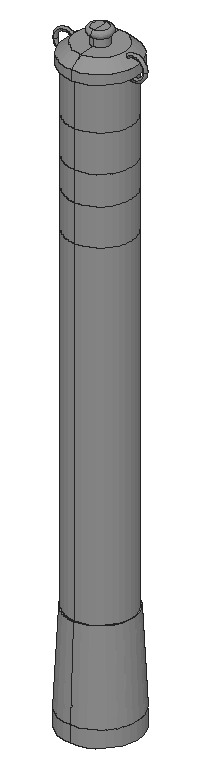
Revit family "Столбик парковочный ст-2 с кольцом", category Антураж, Revit 2017
Family settings
  На основе рабочей плоскости = Нет
  Всегда вертикально = Да
  При загрузке вырезать с полостями = Нет
  Источник визуального образа = Геометрия семейства
  Общий = Нет
  Точка расчета площади = Нет
Parameters (values of type "Столбик парковочный ст-2 с кольцом")
  Стоимость = 2592
  Изготовитель = "ООО \"Хоббика\""
  Высота = 0 mm
  URL = "https://hobbyka.ru/product/stolbik_parkovochnyi_st-2_s_kolcom/?sphrase_id=70640"
  ADSK_Размер_Ширина = 90 mm
  ADSK_Размер_Высота = 760 mm
  ADSK_Наименование = "Столбик парковочный ст-2 с кольцом"
  ADSK_Материал парковочного столба = Сталь, хромированная
  ADSK_Материал отражателя = Сталь,  красный
  ADSK_Код изделия = "6893\r\n6892"
Types (3, lengths in mm): name | URL | ADSK_Код изделия
  (no name) | "https://hobbyka.ru/product/stolbik_parkovochnyi_st-2_s_kolcom/?sphrase_id=70640" | "6893\r\n6892"
  Столбик парковочный ст-1 | "https://hobbyka.ru/product/stolbik_parkovochnyi_st-1/?sphrase_id=70638" | "6892\r\n6892"
  Столбик парковочный ст-2 с кольцом | "https://hobbyka.ru/product/stolbik_parkovochnyi_st-2_s_kolcom/?sphrase_id=70640" | "6893\r\n6892"
Reference planes
  plane 1 "По центру (Вперед/Назад)": y = 0
  plane 2: z = 0
  plane 3 "По центру (Влево/Вправо)": x = 0
Forms (mm)
  Revolve 1, solid, material "Сталь, хромированная" <- "ADSK_Материал парковочного столба"
    sketch origin (0, 0, 0) x (0, 1, 0) y (0, 0, 1)
      loop
        line (-10, 742.43) -> (-30.3, 742.43) -> (-43, 731.066) -> (-43, 719.702) -> (-38, 719.702) -> (-38, 665) -> (0, 665) -> (0, 760) -> (-10, 760)
        arc (-10, 760) -> (-13.784, 756.216) -> (-10, 752.431) r 3.784
        line (-10, 752.431) -> (-10, 742.43)
      loop
        line (-38, 620) -> (-38, 585) -> (0, 585) -> (0, 620) -> (-38, 620)
      loop
        line (-38, 540) -> (-38, 130) -> (-39.661, 130) -> (-45, 20) -> (-45, 0) -> (0, 0) -> (0, 540) -> (-38, 540)
      axis (0, 0) -> (0, 760)
    angle from 0 to 360
  Revolve 2, solid, material "Сталь,  красный" <- "ADSK_Материал отражателя"
    sketch origin (0, 0, 0) x (0, 1, 0) y (0, 0, 1)
      loop
        line (0, 665) -> (-38, 665) -> (-38, 620) -> (0, 620) -> (0, 665)
      loop
        line (0, 585) -> (-38, 585) -> (-38, 540) -> (0, 540) -> (0, 585)
      axis (0, 665) -> (0, 540)
    angle from 0 to 360
  Sweep 3, solid, material "Сталь, хромированная" <- "ADSK_Материал парковочного столба"
    path origin (0, 0, 0) x (1, 0, 0) y (0, 0, 1)
      loop
        circle (41.625, 729.144) r 13.095
    profile origin (41.625, 0, 742.239) x (0, 0, -1) y (0, -1, 0)
      loop
        circle (0, 0) r 2
  Sweep 4, solid, material "Сталь, хромированная" <- "ADSK_Материал парковочного столба"
    path origin (0, 0, 0) x (-1, 0, 0) y (0, 0, 1)
      loop
        circle (41.625, 729.144) r 13.095
    profile origin (-41.625, 0, 742.239) x (0, 0, 1) y (0, -1, 0)
      loop
        circle (0, 0) r 2
Cuts and joins
  joined: Revolve 1, Sweep 3, Sweep 4
Dimensions and locks
  aligned and locked: level to plane 2
